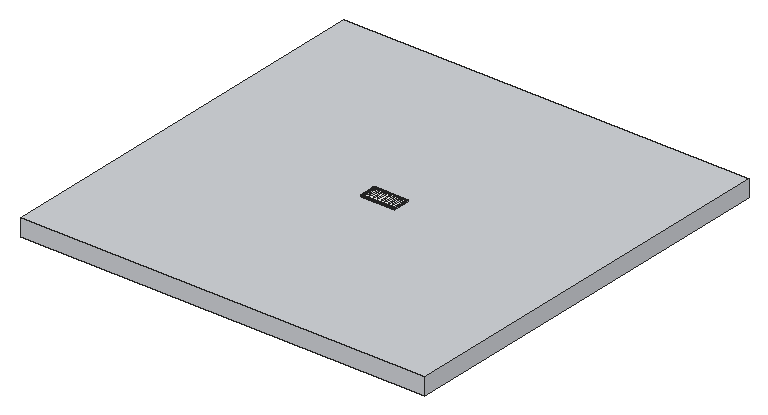
Revit family
Parameters (values of type "2"")
  WFU = 0
  URL = "WWW.MIFAB.COM"
  Sump Depth = 4.100"
  Pipe Radius = Pipe Diameter / 2  # 1.000"
  Pipe Diameter = 2.000"
  Model = "FS1532-FL"
  Manufacturer = "MIFAB"  # constant formula
  Grate Width = 8.100"
  Floor Sink Material = Coated – Acid Resistant – Porcelain Enamel - White
  Flange Length = 10.100"
  Description = "8 x 4 x 4 DEEP FLOOR SINK WITH FLANGE"  # constant formula
  Default Elevation = 0.000"
  Body Radius = 6.100"
  Body Height = 6.225"
Types (4): name | Pipe Radius | Pipe Diameter | Model
  (no name) | 1.000" | 2.000" | "FS1532-FL"
  4" | 2.000" | 4.000" | "FS1534-FL"
  3" | 1.500" | 3.000" | "FS1533-FL"
  2" | 1.000" | 2.000" | "FS1532-FL"
Reference planes
  plane 1 "Center (Front/Back)": y = 0
  plane 2: z = 0
  plane 3 "Center (Left/Right)": x = 0
  plane 4: z = -151.765
  plane 5: x = -113.898
  plane 6: x = -102.87
  plane 7: x = 102.87
  plane 8: z = 6.35
  plane 9: y = 52.07
  plane 10: y = -52.07
  plane 11: x = -79.369
  plane 12: x = 79.369
  plane 13: x = -86.36
  plane 14: x = 86.36
  plane 15: y = 35.56
  plane 16: y = -35.56
  plane 17: x = -25.4
  plane 18: x = 25.4
  plane 19: x = -128.27
  plane 20: x = 128.27
  plane 21: y = 77.47
  plane 22: y = -77.47
  plane 23: z = -95.25
  plane 24: z = -100.33
  plane 25: z = -66.04
  plane 26: z = -99.06
  plane 27: z = -82.55
  plane 28: y = -16.51
  plane 29: y = 16.51
  plane 30: x = -208.654
  plane 31: x = 208.654
  plane 32: z = -44.45
Forms (mm)
  Extrusion 1, solid
    sketch origin (0, 0, 0) x (1, 0, 0) y (0, 1, 0)
      loop
        line (-1219.2, 1219.2) -> (-1219.2, -1219.2) -> (1219.2, -1219.2) -> (1219.2, 1219.2) -> (-1219.2, 1219.2)
    from 0 to -101.6
  Extrusion 2, solid, material "Coated – Acid Resistant – Porcelain Enamel - White" <- "Floor Sink Material"
    sketch origin (0, 0, 0) x (1, 0, 0) y (0, 1, 0)
      loop
        line (-96.52, 45.72) -> (-96.52, -45.72) -> (96.52, -45.72) -> (96.52, 45.72) -> (-96.52, 45.72)
      loop
        arc (-73.66, 26.67) -> (-75.52, 31.16) -> (-80.01, 33.02) r 6.35
        arc (-80.01, 33.02) -> (-84.5, 31.16) -> (-86.36, 26.67) r 6.35
        line (-86.36, 26.67) -> (-86.36, -26.67)
        arc (-86.36, -26.67) -> (-84.5, -31.16) -> (-80.01, -33.02) r 6.35
        arc (-80.01, -33.02) -> (-75.52, -31.16) -> (-73.66, -26.67) r 6.35
        line (-73.66, -26.67) -> (-73.66, 26.67)
      loop
        arc (-50.8, 26.67) -> (-52.66, 31.16) -> (-57.15, 33.02) r 6.35
        arc (-57.15, 33.02) -> (-61.64, 31.16) -> (-63.5, 26.67) r 6.35
        line (-63.5, 26.67) -> (-63.5, -26.67)
        arc (-63.5, -26.67) -> (-61.64, -31.16) -> (-57.15, -33.02) r 6.35
        arc (-57.15, -33.02) -> (-52.66, -31.16) -> (-50.8, -26.67) r 6.35
        line (-50.8, -26.67) -> (-50.8, 26.67)
      loop
        arc (-27.94, 26.67) -> (-29.8, 31.16) -> (-34.29, 33.02) r 6.35
        arc (-34.29, 33.02) -> (-38.78, 31.16) -> (-40.64, 26.67) r 6.35
        line (-40.64, 26.67) -> (-40.64, -26.67)
        arc (-40.64, -26.67) -> (-38.78, -31.16) -> (-34.29, -33.02) r 6.35
        arc (-34.29, -33.02) -> (-29.8, -31.16) -> (-27.94, -26.67) r 6.35
        line (-27.94, -26.67) -> (-27.94, 26.67)
      loop
        arc (-5.08, 26.67) -> (-6.94, 31.16) -> (-11.43, 33.02) r 6.35
        arc (-11.43, 33.02) -> (-15.92, 31.16) -> (-17.78, 26.67) r 6.35
        line (-17.78, 26.67) -> (-17.78, -26.67)
        arc (-17.78, -26.67) -> (-15.92, -31.16) -> (-11.43, -33.02) r 6.35
        arc (-11.43, -33.02) -> (-6.94, -31.16) -> (-5.08, -26.67) r 6.35
        line (-5.08, -26.67) -> (-5.08, 26.67)
      loop
        arc (17.78, 26.67) -> (15.92, 31.16) -> (11.43, 33.02) r 6.35
        arc (11.43, 33.02) -> (6.94, 31.16) -> (5.08, 26.67) r 6.35
        line (5.08, 26.67) -> (5.08, -26.67)
        arc (5.08, -26.67) -> (6.94, -31.16) -> (11.43, -33.02) r 6.35
        arc (11.43, -33.02) -> (15.92, -31.16) -> (17.78, -26.67) r 6.35
        line (17.78, -26.67) -> (17.78, 26.67)
      loop
        arc (40.64, 26.67) -> (38.78, 31.16) -> (34.29, 33.02) r 6.35
        arc (34.29, 33.02) -> (29.8, 31.16) -> (27.94, 26.67) r 6.35
        line (27.94, 26.67) -> (27.94, -26.67)
        arc (27.94, -26.67) -> (29.8, -31.16) -> (34.29, -33.02) r 6.35
        arc (34.29, -33.02) -> (38.78, -31.16) -> (40.64, -26.67) r 6.35
        line (40.64, -26.67) -> (40.64, 26.67)
      loop
        arc (63.5, 26.67) -> (61.64, 31.16) -> (57.15, 33.02) r 6.35
        arc (57.15, 33.02) -> (52.66, 31.16) -> (50.8, 26.67) r 6.35
        line (50.8, 26.67) -> (50.8, -26.67)
        arc (50.8, -26.67) -> (52.66, -31.16) -> (57.15, -33.02) r 6.35
        arc (57.15, -33.02) -> (61.64, -31.16) -> (63.5, -26.67) r 6.35
        line (63.5, -26.67) -> (63.5, 26.67)
      loop
        arc (80.01, 33.02) -> (75.52, 31.16) -> (73.66, 26.67) r 6.35
        line (73.66, 26.67) -> (73.66, -26.67)
        arc (73.66, -26.67) -> (75.52, -31.16) -> (80.01, -33.02) r 6.35
        arc (80.01, -33.02) -> (84.5, -31.16) -> (86.36, -26.67) r 6.35
        line (86.36, -26.67) -> (86.36, 26.67)
        arc (86.36, 26.67) -> (84.5, 31.16) -> (80.01, 33.02) r 6.35
    from 0 to 6.35
  Sweep 3, solid, material "Coated – Acid Resistant – Porcelain Enamel - White" <- "Floor Sink Material"
    path origin (0, 0, 0) x (1, 0, 0) y (0, 1, 0)
      loop
        line (-102.87, 52.07) -> (-102.87, -52.07) -> (102.87, -52.07) -> (102.87, 52.07) -> (-102.87, 52.07)
    profile origin (-102.87, 0, 0) x (1, 0, 0) y (0, 0, 1)
      loop
        line (0, 3.81) -> (0, 2.062)
        arc (0, 2.062) -> (1.378, -2.308) -> (5.013, -5.098) r 7.62
        arc (5.013, -5.098) -> (5.983, -5.842) -> (6.35, -7.007) r 2.032
        line (6.35, -7.007) -> (11.908, -7.007) -> (11.908, -2.032)
        arc (11.908, -2.032) -> (11.312, -0.595) -> (9.876, 0) r 2.032
        line (9.876, 0) -> (7.62, 0)
        arc (7.62, 0) -> (6.722, 0.372) -> (6.35, 1.27) r 1.27
        line (6.35, 1.27) -> (6.35, 5.08)
        arc (6.35, 5.08) -> (5.978, 5.978) -> (5.08, 6.35) r 1.27
        line (5.08, 6.35) -> (2.54, 6.35)
        arc (2.54, 6.35) -> (0.744, 5.606) -> (0, 3.81) r 2.54
  Extrusion 4, void
    sketch origin (0, 0, 0) x (1, 0, 0) y (0, 1, 0)
      loop
        circle (0, 0) r 7.616
    from -59.926 to -21.429
  Extrusion 5, solid, material "Coated – Acid Resistant – Porcelain Enamel - White" <- "Floor Sink Material"
    sketch origin (0, 0, 0) x (1, 0, 0) y (0, 1, 0)
      loop
        line (-96.52, 45.72) -> (-96.52, -45.72) -> (96.52, -45.72) -> (96.52, 45.72) -> (-96.52, 45.72)
      loop
        line (90.962, 40.162) -> (-90.962, 40.162) -> (-90.962, -40.162) -> (90.962, -40.162) -> (90.962, 40.162)
    from -100.33 to -7.007
  Extrusion 6, solid, material "Coated – Acid Resistant – Porcelain Enamel - White" <- "Floor Sink Material"
    sketch origin (66.04, -4572, -100.33) x (0, -1, 0) y (-1, 0, 0)
      loop
        arc (-4612.132, 118.487) -> (-4638.04, 66.04) -> (-4612.132, 13.593) r 66.04
        line (-4612.132, 13.593) -> (-4612.132, -24.892) -> (-4531.838, -24.892) -> (-4531.838, 13.616)
        arc (-4531.838, 13.616) -> (-4505.96, 66.04) -> (-4531.838, 118.464) r 66.04
        line (-4531.838, 118.464) -> (-4531.838, 156.972) -> (-4612.132, 156.972) -> (-4612.132, 118.487)
      loop
        circle (-4572, 66.04) r 25.4
    from 0 to -5.08
  Extrusion 7, solid, material "Coated – Acid Resistant – Porcelain Enamel - White" <- "Floor Sink Material"
    sketch origin (-159.953, -4572, -44.45) x (-1, 0, 0) y (0, -1, 0)
      loop
        line (-31.683, -4649.47) -> (-31.683, -4494.53) -> (-288.223, -4494.53) -> (-288.223, -4649.47) -> (-158.683, -4649.47) -> (-31.683, -4649.47)
      loop
        line (-256.473, -4526.28) -> (-256.473, -4617.72) -> (-63.433, -4617.72) -> (-63.433, -4526.28) -> (-256.473, -4526.28)
    from 0 to -6.35
  Revolve 8, solid, material "Coated – Acid Resistant – Porcelain Enamel - White" <- "Floor Sink Material"
    sketch origin (0, 0, 0) x (1, 0, 0) y (0, 0, 1)
      loop
        line (25.4, -95.25) -> (25.4, -151.765) -> (30.48, -151.765) -> (30.48, -95.25) -> (25.4, -95.25)
      axis (0, -95.25) -> (0, -151.765)
    angle from 0 to 360
Cuts and joins
  joined: Extrusion 5, Extrusion 6, Extrusion 7, Revolve 8
Lines and regions (mm)
  symbolic lines
    curve 1: line (-96.503, 45.703, 0) -> (96.537, 45.703, 0)
    curve 2: line (-96.503, -45.737, 0) -> (-96.503, 45.703, 0)
    curve 3: line (96.537, -45.737, 0) -> (-96.503, -45.737, 0)
    curve 4: line (96.537, 45.703, 0) -> (96.537, -45.737, 0)
Dimensions and locks
  equal spacing: plane 9, plane 1 "Center (Front/Back)", plane 10
  equal spacing: plane 6, plane 3 "Center (Left/Right)", plane 7
  "Sump Depth": plane 9 to plane 10
  "Grate Width": plane 6 to plane 7
  "Body Height": plane 8 to plane 4
  locked: plane 9 to plane 15 at 16.51
  locked: plane 10 to plane 16 at 16.51
  locked: plane 6 to plane 13 at 16.51
  locked: plane 14 to plane 7 at 16.51
  equal spacing: plane 18, plane 3 "Center (Left/Right)", plane 17
  "Pipe Diameter": plane 18 to plane 17
  equal spacing: plane 21, plane 1 "Center (Front/Back)", plane 22
  "Body Radius": plane 22 to plane 21
  equal spacing: plane 19, plane 3 "Center (Left/Right)", plane 20
  "Flange Length": plane 19 to plane 20
  locked: plane 8 to plane 2 at 6.35
  plane 2 to plane 23 = 3.750"
  locked: plane 23 to plane 24 at 5.08
  locked: plane 8 to plane 32 at 50.8
  locked: Revolve 8 sketch curve to Revolve 8 sketch curve at 5.08
  radius of Extrusion 6 sketch curve = 2.600"  (x2)
  aligned and locked: plane 2 to Extrusion 1
  aligned and locked: level to Extrusion 1
  aligned and locked: plane 8 to Extrusion 2
  aligned and locked: Sweep 3 sketch curve to plane 6
  aligned and locked: Sweep 3 sketch curve to plane 9
  aligned and locked: plane 7 to Sweep 3 sketch curve
  aligned and locked: plane 10 to Sweep 3 sketch curve
  aligned and locked: profile plane to Sweep 3 sketch curve
  aligned and locked: plane 1 "Center (Front/Back)" to Extrusion 4 sketch curve
  aligned and locked: plane 3 "Center (Left/Right)" to Extrusion 4 sketch curve
  aligned and locked: Extrusion 5 sketch curve to Extrusion 2  (x3)
  aligned and locked: plane 24 to Extrusion 5
  aligned and locked: Extrusion 6 to plane 23
  aligned and locked: Extrusion 7 sketch curve to plane 21
  aligned and locked: plane 22 to Extrusion 7 sketch curve
  aligned and locked: plane 20 to Extrusion 7 sketch curve
  aligned and locked: Extrusion 7 sketch curve to plane 19
  aligned and locked: Extrusion 7 sketch curve to cut or joined group of Extrusion 5, Extrusion 6, Extrusion 7, Revolve 8  (x4)
  aligned and locked: Extrusion 6 sketch curve to cut or joined group of Extrusion 5, Extrusion 6, Extrusion 7, Revolve 8  (x2)
  aligned and locked: plane 4 to Revolve 8 sketch curve
  aligned and locked: plane 23 to Revolve 8 sketch curve
  aligned and locked: plane 18 to Revolve 8 sketch curve
Automatic sketch dimensions
  Extrusion 1 sketch curve to Extrusion 1 sketch curve = 96.000"  (x2)
  Sweep 3 sketch curve to level = 0.000"
  Sweep 3 sketch curve to profile plane = 0.100"
  Sweep 3 sketch curve to Sweep 3 sketch curve = 0.000"  (x2)
  Sweep 3 sketch curve to profile plane = 0.170"
  Sweep 3 sketch curve to Sweep 3 sketch curve = 0.02737"
  Sweep 3 sketch curve to Sweep 3 sketch curve = 0.100"
  Sweep 3 sketch curve to Sweep 3 sketch curve = 0.080"  (x2)
  Sweep 3 sketch curve to Sweep 3 sketch curve = 0.050"  (x2)
  Sweep 3 sketch curve to Sweep 3 sketch curve = 0.0888"
  Sweep 3 sketch curve to Sweep 3 sketch curve = 0.19587"
  Sweep 3 sketch curve to Sweep 3 sketch curve = 0.0688"
  plane 15 to Extrusion 6 sketch curve = 0.180"  (x2)
  plane 13 to Extrusion 6 sketch curve = 0.180"
  Extrusion 6 sketch curve to plane 14 = 0.180"
  Extrusion 6 sketch curve to Extrusion 6 sketch curve = 0.000"  (x4)
  plane 1 "Center (Front/Back)" to Extrusion 6 sketch curve = 0.000"
  Extrusion 6 sketch curve to plane 3 "Center (Left/Right)" = 0.000"
  Extrusion 2 sketch curve to Extrusion 2 sketch curve = 0.000"  (x2)
  Extrusion 2 sketch curve to plane 13 = 0.000"
  plane 6 to Extrusion 2 sketch curve = 0.250"
  Extrusion 2 sketch curve to plane 11 = 0.02525"
  plane 7 to Extrusion 2 sketch curve = 0.250"
  Extrusion 2 sketch curve to plane 10 = 0.250"
  Extrusion 2 sketch curve to plane 16 = 0.100"
  Extrusion 2 sketch curve to plane 15 = 0.350"
  Extrusion 2 sketch curve to plane 9 = 0.250"
  Extrusion 5 sketch curve to plane 10 = 0.250"
  plane 15 to Extrusion 5 sketch curve = 0.1812"
  Extrusion 7 sketch curve to plane 3 "Center (Left/Right)" = 0.050"
  plane 13 to Extrusion 5 sketch curve = 0.1812"
  Extrusion 5 sketch curve to plane 14 = 0.1812"
  plane 16 to Extrusion 5 sketch curve = 0.1812"
  Extrusion 6 sketch curve to plane 17 = 0.000"
  Revolve 8 sketch curve to plane 3 "Center (Left/Right)" = 0.000"
  Revolve 8 sketch curve to plane 4 = 0.000"
  Revolve 8 sketch curve to Revolve 8 sketch curve = 0.41155"
  plane 6 to curve 3 = 0.25069"
  plane 7 to curve 3 = 0.24933"
  curve 3 to plane 10 = 0.24932"
  curve 2 to plane 9 = 0.25067"
  radius of Extrusion 4 sketch curve = 0.29982"
Connectors
  piping at (0, 0, -151.765), driven by "Pipe Radius", driven by "WFU"
    settings: on Revolve 8, index 1, connector radius 1", flow factor 0, pipe flow 0 GPM, pressure drop 0.00 psi, fitting loss kfactor 0, connector angle 0.00°, fixture units 0, flow configuration 3, flow direction 2, fitting loss method 0, system type 16, connector reference index -1, connector utility 0, adjustable connector no, is connector primary yes, fitting loss table "", connector description "Sanitary Out"
